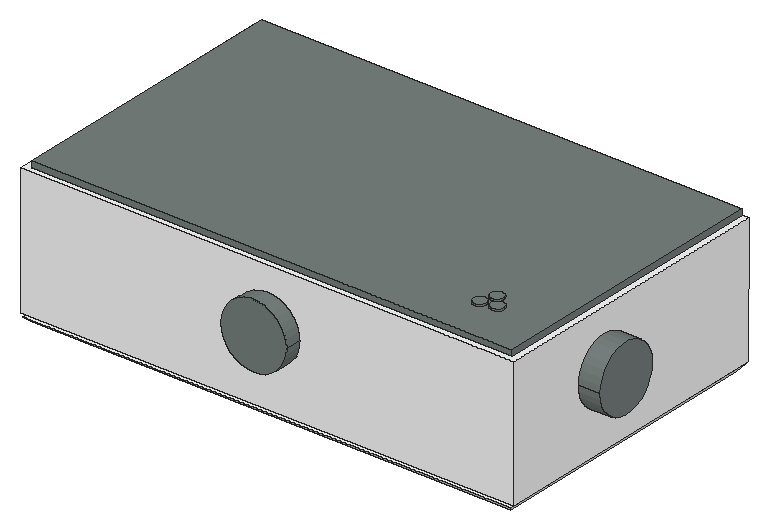
Revit family "AM 300 HHDIDE", category Mechanical Equipment, Revit 2019
Family settings
  Round Connector Dimension = Use Diameter
  Part Type = Normal
  OmniClass Number = 23.75.00.00
  OmniClass Title = Climate Control (HVAC)
  Work Plane-Based = No
  Always vertical = Yes
  Cut with Voids When Loaded = No
  Shared = No
  Room Calculation Point = No
Parameters
  Weight (Standard Unit) = 85  # constant formula
  Water Heating [instance] = yes
  Water Heater Surface Return = 15 mm  # constant formula
  Water Heater Surface IN = 15 mm  # constant formula
  Version number = "1.1"
  URL = "www.airmaster-as.com"
  Total Width = 1180 mm  # constant formula
  Total Hight = 344 mm  # constant formula
  T-C Duct Supply = 187 mm  # constant formula
  T-C Duct Exhaust = 187 mm  # constant formula
  Suply Air In = 160 mm  # constant formula
  R-C Duct Supply = 133 mm  # constant formula
  Publication date = "01.05.2023"
  Phase 1 - Max Power Consumption = "1175 W"
  Phase 1 - Max Current = "7,97 A"
  Nominal current, electrical preheating surface = "4,35 A"
  Nominal current, electrical comfort heating surface = "2,17 A"
  Nominal current, air handling unit = "1,45 A"
  Network Conection = "AWG 24 CAT 5e STP"
  Model = "AM 300 HHDIDE"
  Max. flow rate 35 dB(A) with ePM10 80% filters = 240.00 m³  # constant formula
  Max. flow rate 35 dB(A) with ePM10 55% filters = 270.00 m³  # constant formula
  Max. flow rate 35 dB(A) with ePM10 50% filters = 275.00 m³  # constant formula
  Max. flow rate 30 dB(A) with ePM10 80% filters = 180.00 m³  # constant formula
  Max. flow rate 30 dB(A) with ePM10 55% filters = 205.00 m³  # constant formula
  Max. flow rate 30 dB(A) with ePM10 50% filters = 210.00 m³  # constant formula
  Manufacturer = "Airmaster A/S"
  Maintenance [instance] = no
  L-C Duct Exhaust = 133 mm  # constant formula
  Extract air = 160 mm  # constant formula
  Exhaust Air = 160 mm  # constant formula
  Total Depth = 703 mm  # constant formula
  Electrical connection = "1 ~ 230 V / N / PE / 50 Hz"
  Drawn By = "LSB"
  Data Sheet = "https://www.airmaster-as.com/media/4938/15583-am300-en-rev-04.pdf"
  Condensate = 6 mm  # constant formula
  BMS Panel = "(PTS) 2x2x0,6"
  BMS Out = "(PTS) 2x2x0,6"
  BMS IN = "(PTS) 2x2x0,6"
  Airlow area [instance] = no
Reference planes
  plane 1 "Center (Front/Back)": y = 0
  plane 2: z = 0
  plane 3 "Center (Left/Right)": x = 0
  plane 4 "Center L/S": y = -703
  plane 5 "Center L/T": x = -590
  plane 6 "Center L/U": x = 590
  plane 7 "TOP": z = 344
  plane 8 "Center L/V": x = -575
  plane 9 "Center L/W": y = -688
  plane 10 "Center L/X": x = 575
  plane 11 "Panel Buttom": z = 20.747
  plane 12 "Panel Top": z = 330.347
  plane 13 "Hatch": z = 14.5
Forms (mm)
  Extrusion 1, solid, material "AM Grey"
    sketch origin (0, 0, 0) x (1, 0, 0) y (0, 1, 0)
      loop
        line (-575, 0) -> (-575, -688) -> (575, -688) -> (575, 0) -> (-575, 0)
    from 14.5 to 344
  Extrusion 2, solid, material "AM White"
    sketch origin (794.5, -1524, 20.747) x (0, -1, 0) y (-1, 0, 0)
      loop
        line (-1524, 1384.5) -> (-1524, 1369.5) -> (-836, 1369.5) -> (-836, 219.5) -> (-1524, 219.5) -> (-1524, 204.5) -> (-821, 204.5) -> (-821, 1384.5) -> (-1524, 1384.5)
    from 0 to -309.6
  Blend 3, solid, material "AM White"
    base sketch origin (-790.646, -1524, 14.5) x (0, -1, 0) y (1, 0, 0)
      loop
        line (-821, 207.613) -> (-821, 1373.657) -> (-1524, 1373.657) -> (-1524, 207.613) -> (-821, 207.613)
    top sketch origin (-790.646, -1524, 14.5) x (0, -1, 0) y (1, 0, 0)
      loop
        line (-836, 218.963) -> (-836, 1362.646) -> (-1509.161, 1362.646) -> (-1509.161, 218.963) -> (-836, 218.963)
    from 0 to -14.5
  Extrusion 4, solid, material "AM Grey"
    sketch origin (-575, 0, 0) x (1, 0, 0) y (0, 0, -1)
      loop
        circle (1032, -157) r 80
    from 0 to 18.45
  Extrusion 5, solid, material "AM Grey"
    sketch origin (-785, 0, 0) x (1, 0, 0) y (0, 0, -1)
      loop
        circle (328, -157) r 80
    from 0 to 18.45
  Extrusion 6, solid, material "Maintenece", visible <- "Maintenance"
    sketch origin (-790.646, -1524, 0) x (1, 0, 0) y (0, -1, 0)
      loop
        line (200.646, -1524) -> (1380.646, -1524) -> (1380.646, -821) -> (200.646, -821) -> (200.646, -1524)
    from 0 to 1200
  Extrusion 7, solid, material "AM Grey"
    sketch origin (0, 0, 344) x (1, 0, 0) y (0, 1, 0)
      loop
        circle (428.027, -549.273) r 15.55
    from 0 to 3
  Extrusion 8, solid, material "AM Grey"
    sketch origin (0, 0, 344) x (1, 0, 0) y (0, 1, 0)
      loop
        circle (452.132, -578.023) r 15.55
    from 0 to 3
  Extrusion 9, solid, material "AM Grey"
    sketch origin (0, 0, 344) x (1, 0, 0) y (0, 1, 0)
      loop
        circle (415.201, -584.535) r 15.55
    from 0 to 3
  Extrusion 10, solid, material "AM Grey", visible <- "Water Heating"
    sketch origin (-575, -688, 0) x (0, 1, 0) y (0, 0, -1)
      loop
        circle (325.216, -242.139) r 15.55
    from 0 to 36
  Extrusion 11, solid, material "AM Grey", visible <- "Water Heating"
    sketch origin (-575, -836.92, 39.903) x (0, 1, 0) y (0, 0, -1)
      loop
        circle (325.216, -242.139) r 15.55
    from 0 to 36
  Extrusion 12, solid, material "AM Grey"
    sketch origin (590, 0, 20.747) x (0, -1, 0) y (0, 0, -1)
      loop
        circle (433, -174.253) r 78
    from 0 to 54
  Extrusion 13, solid, material "AM Grey"
    sketch origin (575, -688, 0) x (-1, 0, 0) y (0, 0, -1)
      loop
        circle (575, -195) r 78
    from 0 to 54
Dimensions and locks
  "Total Depth": plane 4 "Center L/S" to plane 1 "Center (Front/Back)"
  equal spacing: plane 5 "Center L/T", plane 3 "Center (Left/Right)", plane 6 "Center L/U"
  "Total Width": plane 5 "Center L/T" to plane 6 "Center L/U"
  "Total Hight": plane 7 "TOP" to level
  locked: plane 10 "Center L/X" to plane 6 "Center L/U" at 15
  locked: plane 4 "Center L/S" to plane 9 "Center L/W" at 15
  locked: plane 5 "Center L/T" to plane 8 "Center L/V" at 15
  Extrusion 1 to Blend 3 sketch curve = 14.839 mm
  "R-C Duct Supply": plane 6 "Center L/U" to Extrusion 4 sketch curve
  "T-C Duct Exhaust": Extrusion 5 sketch curve to plane 7 "TOP"
  "L-C Duct Exhaust": Extrusion 5 sketch curve to plane 5 "Center L/T"
  "T-C Duct Supply": plane 7 "TOP" to Extrusion 4 sketch curve
  plane 7 "TOP" to Extrusion 12 sketch curve = 149 mm
  Extrusion 12 sketch curve to plane 1 "Center (Front/Back)" = 433 mm
  plane 7 "TOP" to Extrusion 13 sketch curve = 149 mm
  equal spacing: Extrusion 6, Extrusion 13 sketch curve, Extrusion 6
  "Suply Air In": diameter of Extrusion 4 sketch curve
  "Exhaust Air": diameter of Extrusion 5 sketch curve
  aligned and locked: level to plane 2
  aligned and locked: plane 1 "Center (Front/Back)" to Extrusion 1 sketch curve
  aligned and locked: plane 8 "Center L/V" to Extrusion 1 sketch curve
  aligned and locked: Extrusion 1 sketch curve to plane 9 "Center L/W"
  aligned and locked: Extrusion 1 sketch curve to plane 10 "Center L/X"
  aligned and locked: plane 7 "TOP" to Extrusion 1
  aligned and locked: plane 5 "Center L/T" to Extrusion 2 sketch curve
  aligned and locked: plane 4 "Center L/S" to Extrusion 2 sketch curve
  aligned and locked: plane 6 "Center L/U" to Extrusion 2 sketch curve
  aligned and locked: Extrusion 2 sketch curve to Extrusion 1  (x3)
  aligned and locked: plane 1 "Center (Front/Back)" to Extrusion 2 sketch curve
  aligned and locked: Extrusion 2 to plane 12 "Panel Top"
  aligned and locked: Blend 3 to plane 2
  aligned and locked: plane 13 "Hatch" to Extrusion 1
Automatic sketch dimensions
  plane 1 "Center (Front/Back)" to Extrusion 2 sketch curve = 0 mm
  plane 1 "Center (Front/Back)" to Blend 3 sketch curve = 0 mm
  plane 4 "Center L/S" to Blend 3 sketch curve = 0 mm
  plane 5 "Center L/T" to Blend 3 sketch curve = 6.967 mm
  Blend 3 sketch curve to plane 6 "Center L/U" = 6.989 mm
  plane 9 "Center L/W" to Blend 3 sketch curve = 0 mm
  plane 8 "Center L/V" to Blend 3 sketch curve = 3.316 mm
  Blend 3 sketch curve to plane 10 "Center L/X" = 3 mm
  Extrusion 6 sketch curve to Blend 3 = 18.316 mm
  Extrusion 6 sketch curve to Blend 3 = 18 mm
  Extrusion 6 sketch curve to Blend 3 = 15 mm
  Extrusion 6 sketch curve to Blend 3 = 14.839 mm
  Extrusion 7 sketch curve to Extrusion 1 = 146.973 mm
  Extrusion 7 sketch curve to Extrusion 1 = 138.727 mm
  Extrusion 8 sketch curve to Extrusion 1 = 122.868 mm
  Extrusion 8 sketch curve to Extrusion 1 = 109.977 mm
  Extrusion 9 sketch curve to Extrusion 1 = 159.799 mm
  Extrusion 9 sketch curve to Extrusion 1 = 103.465 mm
  Extrusion 1 to Extrusion 10 sketch curve = 101.861 mm
  Extrusion 10 sketch curve to Extrusion 1 = 325.216 mm
  Extrusion 1 to Extrusion 11 sketch curve = 61.958 mm
  Extrusion 11 sketch curve to Extrusion 1 = 176.296 mm
  radius of Extrusion 7 sketch curve = 15.55 mm
  radius of Extrusion 8 sketch curve = 15.55 mm
  radius of Extrusion 9 sketch curve = 15.55 mm
  radius of Extrusion 10 sketch curve = 15.55 mm
  radius of Extrusion 11 sketch curve = 15.55 mm
  radius of Extrusion 12 sketch curve = 78 mm
  radius of Extrusion 13 sketch curve = 78 mm
Nested families
  nested 1: "Model Label 2019" at (0, -361.924, 0), Label <- "Model", type "Model Label 2019"
    with Label "AM 300 HHDIDE"
Connectors
  electrical at (428.027, -549.273, 344)
    settings: on Extrusion 7, index 13, voltage 230 V, apparent load 0 VA, apparent load phase1 0 VA, apparent load phase2 0 VA, apparent load phase3 0 VA, power factor 0.55, load classification "Other", number of poles 1, system type 30, power factor state 1, is connector primary yes, connector utility no, sub classification motor no, connector description ""
  electrical at (452.132, -578.023, 344), driven by "BMS Out"
    settings: on Extrusion 8, index 14, voltage 0 V, apparent load 0 VA, apparent load phase1 0 VA, apparent load phase2 0 VA, apparent load phase3 0 VA, power factor 1, load classification "Other", number of poles 1, system type 5, power factor state 1, is connector primary no, connector utility no, sub classification motor no, connector description "(PTS) 2x2x0,6"
  electrical at (415.201, -584.535, 344), driven by "BMS IN"
    settings: on Extrusion 9, index 15, voltage 0 V, apparent load 0 VA, apparent load phase1 0 VA, apparent load phase2 0 VA, apparent load phase3 0 VA, power factor 1, load classification "Other", number of poles 1, system type 5, power factor state 1, is connector primary no, connector utility no, sub classification motor no, connector description "(PTS) 2x2x0,6"
  piping at (-611, -362.784, 242.139), diameter 15, driven by "Water Heater Surface IN"
    settings: on Extrusion 10, index 16, connector inside diameter 609.6 mm, connector length 0 mm, flow factor 0, pipe flow 0.0 L/s, pressure drop 0.0 Pa, fitting loss kfactor 0, connector angle 0.00°, fixture units 0, engagement length 0 mm, angle of deflection 0.00°, flow configuration 0, flow direction 0, fitting loss method 0, system type 19, joint type 0, gender type 0, connector reference index -1, connector utility 0, adjustable connector no, is connector primary yes, connector description ""
  piping at (-611, -511.704, 282.042), diameter 15, driven by "Water Heater Surface IN"
    settings: on Extrusion 11, index 17, connector inside diameter 609.6 mm, connector length 0 mm, flow factor 0, pipe flow 0.0 L/s, pressure drop 0.0 Pa, fitting loss kfactor 0, connector angle 0.00°, fixture units 0, engagement length 0 mm, angle of deflection 0.00°, flow configuration 0, flow direction 0, fitting loss method 0, system type 19, joint type 0, gender type 0, connector reference index -1, connector utility 0, adjustable connector no, is connector primary no, connector description ""
  hvac at (0, -688, 195), driven by "Suply Air In"
    settings: on Extrusion 13, index 20, duct flow 0.0 L/s, flow factor 0, pres drop 0.0 Pa, loss coef 0, conn angle 0.00°, conn width 304.8 mm, conn height 304.8 mm, conn diameter 160 mm, duct sys type 1, conn prof type 0, flow config 0, flow direction 2, loss method 0, conn ref index -1, conn util no, is conn primary yes, conn desc ""
  hvac at (590, -433, 195), driven by "Extract air"
    settings: on Extrusion 12, index 21, duct flow 0.0 L/s, flow factor 0, pres drop 0.0 Pa, loss coef 0, conn angle 0.00°, conn width 304.8 mm, conn height 304.8 mm, conn diameter 160 mm, duct sys type 2, conn prof type 0, flow config 0, flow direction 1, loss method 0, conn ref index -1, conn util no, is conn primary no, conn desc ""
  hvac at (-457, 0, 157), driven by "Exhaust Air"
    settings: on Extrusion 5, index 22, duct flow 0.0 L/s, flow factor 0, pres drop 0.0 Pa, loss coef 0, conn angle 0.00°, conn width 304.8 mm, conn height 304.8 mm, conn diameter 160 mm, duct sys type 3, conn prof type 0, flow config 0, flow direction 2, loss method 0, conn ref index -1, conn util no, is conn primary no, conn desc ""
  hvac at (457, 0, 157), driven by "Suply Air In"
    settings: on Extrusion 4, index 23, duct flow 0.0 L/s, flow factor 0, pres drop 0.0 Pa, loss coef 0, conn angle 0.00°, conn width 304.8 mm, conn height 304.8 mm, conn diameter 160 mm, duct sys type 1, conn prof type 0, flow config 0, flow direction 1, loss method 0, conn ref index -1, conn util no, is conn primary no, conn desc ""
Definition of nested family "Model Label 2019"
  Parameters (values of type "Model Label 2019")
    Label [instance] = ""
  Reference planes
    plane 1: y = 0
    plane 2: x = 0
  Text (mm)
    label "Label" at (-0.131, 0.049, 0), shows "Label"
